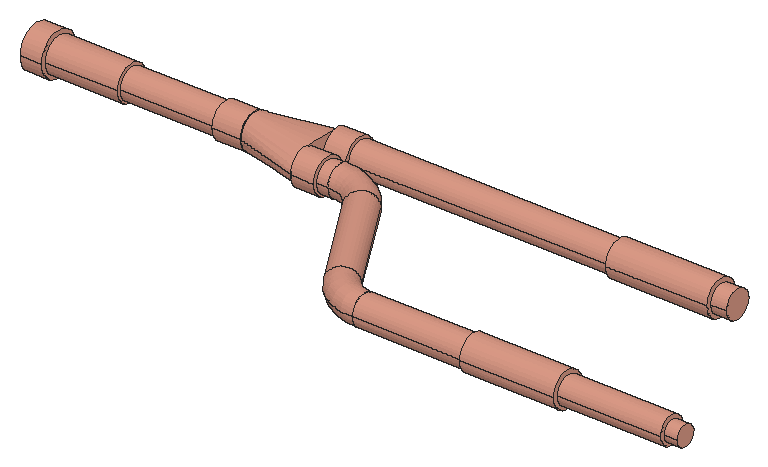
Revit family "outputfile", category 配管付属品, Revit 2024
Family settings
  丸型コネクタ寸法 = 半径を使用
  パーツ タイプ = 標準
  OmniClass 番号 = 23.65.55.00
  OmniClass タイトル = Distribution of Supplied Liquids/Gases
  作業面ベース = いいえ
  常に垂直 = はい
  ロード時にボイドで切り取り = いいえ
  共有 = いいえ
Parameters (values of type "BHRP26A72T")
  Description = ""
  製造元 = "Daikin"
  書き出し IFC クラス(タイプ) = "IfcPipeFittingType"
  定義済み IFC タイプ(タイプ) = "JUNCTION"
  Cost = 0
  Type Comments = ""
  Keynote = ""
  Type Image = (empty or 0)
  Assembly Code = ""
  mm⇔inch [instance] = yes
  l_InletPipe4 = 12.0 mm
  built-in parameter 1114242 [instance] = (empty or 0)
  Default Elevation = 0.0 mm
  モデル = "BHRP26A72T"
  table_StraightPipe [instance] = if(mm⇔inch, "Refnet Joint_BHRP26A-T_Liquid_StraightPipe", "Refnet Joint_BHRP26A-T_Liquid_StraightPipe_inch")  # "Refnet Joint_BHRP26A-T_Liquid_StraightPipe"
  table_BranchPipe [instance] = if(mm⇔inch, "Refnet Joint_BHRP26A-T_Liquid_BranchPipe", "Refnet Joint_BHRP26A-T_Liquid_BranchPipe_inch")  # "Refnet Joint_BHRP26A-T_Liquid_BranchPipe"
  table_Inlet [instance] = if(mm⇔inch, "Refnet Joint_BHRP26A-T_Liquid_Inlet", "Refnet Joint_BHRP26A-T_Liquid_Inlet_inch")  # "Refnet Joint_BHRP26A-T_Liquid_Inlet"
  switch_StraightPipe_Reducer [instance] = if(Is_StraightPipe Reducer = 1, 1 = 1, 1 = 0)  # no
  switch_StraightPipe3 [instance] = if(number_StraightPipe = 3, 1 = 1, 1 = 0)  # no
  switch_StraightPipe2 [instance] = if(number_StraightPipe < 2, 1 = 0, 1 = 1)  # yes
  switch_BranchPipe_Reducer [instance] = if(Is_BranchPipe Reducer = 1, 1 = 1, 1 = 0)  # no
  switch_BranchPipe3 [instance] = if(number_BranchPipe = 3, 1 = 1, 1 = 0)  # yes
  switch_BranchPipe2 [instance] = if(number_BranchPipe < 2, 1 = 0, 1 = 1)  # yes
  switch_Inlet pipe_Reducer [instance] = if(Is_Inlet Reducer = 1, 1 = 1, 1 = 0)  # no
  switch_Inlet pipe3 [instance] = if(number_InletPipe = 3, 1 = 1, 1 = 0)  # no
  switch_Inlet pipe2 [instance] = if(number_InletPipe < 2, 1 = 0, 1 = 1)  # yes
  Uniclass2015Version = "Products v1.31"
  Uniclass2015Title = "Copper pipe fittings"
  Uniclass2015Code = "Pr_65_52_63_18"
  URL = ""
  StraightPipe_Liquid_ActualDiameter [instance] = 9.5 mm
  Material_Piping = DAIKIN_Copper_Pipe
  Material_Insulation = DAIKIN_White_Insulation
  lw_Insulation [instance] = size_lookup(table_Inlet, "lw_Insulation", 38.0 mm, モデル)  # 52.0 mm
  Unit Type = "BHRP26A-T_Liquid"
  Tag No. [instance] = ""
  StraightPipe_Liquid_Status [instance] = size_lookup(table_StraightPipe, "Information", "The connected pipe size is not available.", モデル, StraightPipe_Liquid_ActualDiameter)  # "Default connector size is used."
  Link_Nested Family [instance] = ""
  Inlet_Liquid_Actual Diameter [instance] = 15.9 mm
  IfcVersion = ""
  IfcExportType = "JUNCTION"
  IfcExportAs = "IfcPipeFittingType"
  BranchPipe_Liquid_Status [instance] = size_lookup(table_BranchPipe, "Information", "The connected pipe size is not available.", モデル, BranchPipe_Liquid_ActualDiameter)  # "Default connector size is used."
  Inlet_Liquid_Status [instance] = size_lookup(table_Inlet, "Information", "The connected pipe size is not available.", モデル, Inlet_Liquid_Actual Diameter)  # "Default connector size is used."
  Series = "Refnet Joint"
  O.R_dividePipe_Inlet [instance] = (I.D_InletPipe1 + 2.0 mm) / 2  # 7.35 mm
  r_StraightPipe_Connector [instance] = StraightPipe_Liquid_ActualDiameter / 2  # 4.75 mm
  r_BranchPipe_Connector [instance] = BranchPipe_Liquid_ActualDiameter / 2  # 3.2 mm
  r_Inlet_Connector [instance] = Inlet_Liquid_Actual Diameter / 2  # 7.95 mm
  number_StraightPipe [instance] = size_lookup(table_StraightPipe, "pipeNumber", 2, モデル, StraightPipe_Liquid_ActualDiameter)  # 2
  number_BranchPipe [instance] = size_lookup(table_BranchPipe, "pipeNumber", 2, モデル, BranchPipe_Liquid_ActualDiameter)  # 3
  number_InletPipe [instance] = size_lookup(table_Inlet, "pipeNumber", 1, モデル, Inlet_Liquid_Actual Diameter)  # 2
  r_BranchPipeR [instance] = size_lookup(table_BranchPipe, "r_offsetPipeR", 18.0 mm, モデル, BranchPipe_Liquid_ActualDiameter)  # 20.0 mm
  l_BranchPipe_Straight2 [instance] = size_lookup(table_BranchPipe, "L_offsetPipe2", 25.5 mm, モデル)  # 46.0 mm
  l_BranchPipe_Straight1 [instance] = size_lookup(table_BranchPipe, "L_offsetPipe1", 5.0 mm, モデル)  # 5.0 mm
  l_BranchPipe connector [instance] = size_lookup(table_BranchPipe, "Length", 150.0 mm, モデル, BranchPipe_Liquid_ActualDiameter)  # 212.0 mm
  l_inlet connector [instance] = size_lookup(table_Inlet, "Length", 70.0 mm, モデル, Inlet_Liquid_Actual Diameter)  # 92.0 mm
  l_dividePipe [instance] = size_lookup(table_Inlet, "L_devidePipe", 30.0 mm, モデル)  # 28.0 mm
  l_StraightPipeReducer [instance] = size_lookup(table_StraightPipe, "L_Reducer", 80.0 mm, モデル, StraightPipe_Liquid_ActualDiameter)  # 80.0 mm
  l_StraightPipe3 [instance] = size_lookup(table_StraightPipe, "L_Pipe3", 2.0 mm, モデル)  # 2.0 mm
  l_StraightPipe2 [instance] = size_lookup(table_StraightPipe, "L_Pipe2", 6.0 mm, モデル)  # 7.0 mm
  l_StraightPipe1 [instance] = size_lookup(table_StraightPipe, "L_Pipe1", 44.0 mm, モデル)  # 43.0 mm
  l_StraightPipe0 [instance] = size_lookup(table_StraightPipe, "L_Pipe0", 130.0 mm, モデル)  # 110.0 mm
  l_StraightPipe connector [instance] = size_lookup(table_StraightPipe, "Length", 190.0 mm, モデル, StraightPipe_Liquid_ActualDiameter)  # 170.0 mm
  l_BranchPipe Reducer [instance] = size_lookup(table_BranchPipe, "L_Reducer", 50.0 mm, モデル, BranchPipe_Liquid_ActualDiameter)  # 50.0 mm
  l_BranchPipe3 [instance] = size_lookup(table_BranchPipe, "L_Pipe3", 2.0 mm, モデル)  # 6.0 mm
  l_BranchPipe2 [instance] = size_lookup(table_BranchPipe, "L_Pipe2", 6.0 mm, モデル)  # 44.0 mm
  l_BranchPipe1 [instance] = size_lookup(table_BranchPipe, "L_Pipe1", 44.0 mm, モデル)  # 40.0 mm
  l_BranchPipe0 [instance] = size_lookup(table_BranchPipe, "L_Pipe0", 90.0 mm, モデル)  # 112.0 mm
  l_InletReducer [instance] = size_lookup(table_Inlet, "L_Reducer", 80.0 mm, モデル, Inlet_Liquid_Actual Diameter)  # 80.0 mm
  l_InletPipe3 [instance] = size_lookup(table_Inlet, "L_Pipe3", 2.0 mm, モデル)  # 2.0 mm
  l_InletPipe2 [instance] = size_lookup(table_Inlet, "L_Pipe2", 2.0 mm, モデル)  # 9.0 mm
  l_InletPipe1 [instance] = size_lookup(table_Inlet, "L_Pipe1", 7.0 mm, モデル)  # 31.0 mm
  l_InletPipe0 [instance] = size_lookup(table_Inlet, "L_Pipe0", 53.0 mm, モデル)  # 40.0 mm
  center_StraightPipe [instance] = size_lookup(table_StraightPipe, "center_Pipe", 6.5 mm, モデル)  # 8.5 mm
  center_BranchPipe2 [instance] = size_lookup(table_BranchPipe, "center_OffsetPipe", 73.5 mm, モデル)  # 71.5 mm
  center_BranchPipe1 [instance] = size_lookup(table_BranchPipe, "center_Pipe", 6.5 mm, モデル)  # 8.5 mm
  StraightPipe_Liquid_AvailableDiameter [instance] = size_lookup(table_StraightPipe, "sizeVariation", "", モデル)  # "9.5/12.7/15.9mm"
  BranchPipe_Liquid_AvailableDiameter [instance] = size_lookup(table_BranchPipe, "sizeVariation", "", モデル)  # "6.4/9.5/12.7mm"
  Inlet_Liquid_Available Diameter [instance] = size_lookup(table_Inlet, "sizeVariation", "", モデル)  # "12.7/15.9/19.1mm"
  O.D_StraightPipe Reducer [instance] = size_lookup(table_StraightPipe, "O.D_reducer", 2.0 mm, モデル, StraightPipe_Liquid_ActualDiameter)  # 2.0 mm
  O.D_Offset Outlet Reducer [instance] = size_lookup(table_BranchPipe, "O.D_reducer", 2.0 mm, モデル, BranchPipe_Liquid_ActualDiameter)  # 2.0 mm
  O.D_Inlet Reducer [instance] = size_lookup(table_Inlet, "O.D_reducer", 2.0 mm, モデル, Inlet_Liquid_Actual Diameter)  # 2.0 mm
  Is_StraightPipe Reducer [instance] = size_lookup(table_StraightPipe, "IsReducer", 0, モデル, StraightPipe_Liquid_ActualDiameter)  # 0
  Is_BranchPipe Reducer [instance] = size_lookup(table_BranchPipe, "IsReducer", 0, モデル, BranchPipe_Liquid_ActualDiameter)  # 0
  Is_Inlet Reducer [instance] = size_lookup(table_Inlet, "IsReducer", 0, モデル, Inlet_Liquid_Actual Diameter)  # 0
  BranchPipe_Liquid_ActualDiameter [instance] = 6.4 mm
  Attach_Insulation [instance] = no
  I.D_StraightPipe3 [instance] = size_lookup(table_StraightPipe, "I.D_PipeSize3", 2.0 mm, モデル)  # 2.0 mm
  I.D_StraightPipe2 [instance] = size_lookup(table_StraightPipe, "I.D_PipeSize2", 6.4 mm, モデル)  # 9.5 mm
  I.D_StraightPipe1 [instance] = size_lookup(table_StraightPipe, "I.D_PipeSize1", 9.5 mm, モデル)  # 12.7 mm
  I.D_StraightPipe0 [instance] = size_lookup(table_StraightPipe, "I.D_PipeSize0", 7.5 mm, モデル)  # 10.7 mm
  I.D_BranchPipe3 [instance] = size_lookup(table_BranchPipe, "I.D_PipeSize3", 2.0 mm, モデル)  # 6.4 mm
  I.D_BranchPipe2 [instance] = size_lookup(table_BranchPipe, "I.D_PipeSize2", 6.4 mm, モデル)  # 9.5 mm
  I.D_BranchPipe1 [instance] = size_lookup(table_BranchPipe, "I.D_PipeSize1", 9.5 mm, モデル)  # 12.7 mm
  I.D_BranchPipe0 [instance] = size_lookup(table_BranchPipe, "I.D_PipeSize0", 7.5 mm, モデル)  # 10.7 mm
  I.D_Straight Reducer [instance] = size_lookup(table_StraightPipe, "I.D_reducer", 2.0 mm, モデル, StraightPipe_Liquid_ActualDiameter)  # 2.0 mm
  I.D_OutletPipe [instance] = size_lookup(table_Inlet, "I.D_OutletPipeSize", 9.6 mm, モデル, Inlet_Liquid_Actual Diameter)  # 12.8 mm
  I.D_Branch Reducer [instance] = size_lookup(table_BranchPipe, "I.D_reducer", 2.0 mm, モデル, BranchPipe_Liquid_ActualDiameter)  # 2.0 mm
  I.D_Inlet Reducer [instance] = size_lookup(table_Inlet, "I.D_reducer", 2.0 mm, モデル, Inlet_Liquid_Actual Diameter)  # 2.0 mm
  I.D_InletPipe3 [instance] = size_lookup(table_Inlet, "I.D_PipeSize3", 2.0 mm, モデル)  # 2.0 mm
  I.D_InletPipe2 [instance] = size_lookup(table_Inlet, "I.D_PipeSize2", 2.0 mm, モデル)  # 15.9 mm
  I.D_InletPipe1 [instance] = size_lookup(table_Inlet, "I.D_PipeSize1", 9.5 mm, モデル)  # 12.7 mm
  I.D_InletPipe0 [instance] = size_lookup(table_Inlet, "I.D_PipeSize0", 7.5 mm, モデル)  # 10.7 mm
Reference planes
  plane 1 "Center (Front/Back)": y = 0
  plane 2: z = 0
  plane 3 "base_left": x = 0
  plane 4: x = 2
  plane 5: x = 11
  plane 6: x = 42
  plane 7: x = 82
  plane 8: x = 94
  plane 9: x = 122
  plane 10: x = 132
  plane 11 "center_straight outlet": y = 8.5
  plane 12 "center2_offset outlet": y = -71.5
  plane 13 "center1_offset outlet": y = -8.5
  plane 14: x = 242
  plane 15: x = 285
  plane 16: x = 292
  plane 17: x = 244
  plane 18: x = 284
  plane 19: x = 328
  plane 20: x = 294
  plane 21: x = 334
  plane 22 "Reducer_straightoutlet": x = 334
  plane 23: x = 292
  plane 24: y = -15.85
  plane 25: z = 7.35
  plane 26 "Inlet_connector": x = 2
  plane 27 "Left_Insulation": x = 42
Forms (mm)
  SweptBlend 1, solid, material "DAIKIN_Copper_Pipe" <- "Material_Piping"
    path origin (0, 0, 0) x (1, 0, 0) y (0, 1, 0)
      loop
        line (94, 0) -> (122, 0)
    profile origin (94, 0, 0) x (0, 1, 0) y (0, 0, 1)
      loop
        circle (0, 0) r 7.35
    end profile origin (122, 0, 0) x (0, 1, 0) y (0, 0, 1)
      loop
        spline (-15.85, 0) -> (-15.31, -1.902) -> (-13.727, -3.675) -> (-11.208, -5.197) -> (-7.925, -6.365) -> (-4.102, -7.1) -> (0, -7.35) -> (4.102, -7.1) -> (7.925, -6.365) -> (11.208, -5.197) -> (13.727, -3.675) -> (15.31, -1.902) -> (15.85, 0)
        spline (15.85, 0) -> (15.31, 1.902) -> (13.727, 3.675) -> (11.208, 5.197) -> (7.925, 6.365) -> (4.102, 7.1) -> (0, 7.35) -> (-4.102, 7.1) -> (-7.925, 6.365) -> (-11.208, 5.197) -> (-13.727, 3.675) -> (-15.31, 1.902) -> (-15.85, 0)
Dimensions and locks
  "l_InletPipe3": plane 3 "base_left" to plane 4
  "l_InletPipe2": plane 4 to plane 5
  "l_InletPipe1": plane 5 to plane 6
  "l_InletPipe0": plane 6 to plane 7
  "l_InletPipe4": plane 7 to plane 8
  "center_StraightPipe": plane 1 "Center (Front/Back)" to plane 11 "center_straight outlet"
  "center_BranchPipe2": plane 12 "center2_offset outlet" to plane 1 "Center (Front/Back)"
  "center_BranchPipe1": plane 13 "center1_offset outlet" to plane 1 "Center (Front/Back)"
  "l_dividePipe": plane 8 to plane 9
  plane 9 to plane 10 = 10.0 mm
  "l_StraightPipe0": plane 10 to plane 14
  "l_BranchPipe0": plane 10 to plane 17
  "l_BranchPipe1": plane 17 to plane 18
  "l_BranchPipe2": plane 18 to plane 19
  "l_StraightPipe1": plane 14 to plane 15
  "l_StraightPipe2": plane 15 to plane 16
  "l_StraightPipe3": plane 16 to plane 20
  "l_BranchPipe3": plane 19 to plane 21
  "l_BranchPipe connector": plane 9 to plane 22 "Reducer_straightoutlet"
  "l_StraightPipe connector": plane 9 to plane 23
  "O.R_dividePipe_Inlet": plane 24 to plane 13 "center1_offset outlet"
  "O.R_dividePipe_Inlet": plane 25 to plane 2
  "l_inlet connector": plane 26 "Inlet_connector" to plane 8
  "lw_Insulation": plane 27 "Left_Insulation" to plane 8
  "O.R_dividePipe_Inlet": radius of SweptBlend 1 sketch curve
  aligned and locked: level to plane 2
  aligned and locked: plane 2 to nested 1
  aligned and locked: plane 3 "base_left" to nested 1
  aligned and locked: plane 1 "Center (Front/Back)" to nested 1
  aligned and locked: plane 4 to nested 2
  aligned and locked: plane 1 "Center (Front/Back)" to nested 2
  aligned and locked: plane 5 to nested 2
  aligned and locked: plane 5 to nested 3
  aligned and locked: plane 6 to nested 3
  aligned and locked: plane 6 to nested 4
  aligned and locked: nested 4 to plane 7
  aligned and locked: nested 5 to plane 7
  aligned and locked: nested 5 to plane 8
  aligned and locked: plane 8 to SweptBlend 1 sketch curve
  aligned and locked: plane 9 to SweptBlend 1 sketch curve
  aligned and locked: plane 2 to SweptBlend 1 sketch curve  (x2)
  aligned and locked: plane 1 "Center (Front/Back)" to SweptBlend 1 sketch curve  (x2)
  aligned and locked: nested 6 to plane 9
  aligned and locked: nested 7 to plane 9
  aligned and locked: nested 6 to plane 11 "center_straight outlet"
  aligned and locked: nested 7 to plane 13 "center1_offset outlet"
  aligned and locked: nested 7 to plane 10
  aligned and locked: nested 6 to plane 10
  aligned and locked: nested 8 to plane 10
  aligned and locked: plane 14 to nested 8
  aligned and locked: nested 8 to plane 11 "center_straight outlet"
  aligned and locked: plane 14 to nested 9
  aligned and locked: nested 9 to plane 11 "center_straight outlet"
  aligned and locked: plane 15 to nested 9
  aligned and locked: nested 10 to plane 11 "center_straight outlet"
  aligned and locked: plane 15 to nested 10
  aligned and locked: plane 16 to nested 10
  aligned and locked: nested 11 to plane 12 "center2_offset outlet"
  aligned and locked: plane 17 to nested 11
  aligned and locked: plane 18 to nested 11
  aligned and locked: nested 12 to plane 12 "center2_offset outlet"
  aligned and locked: plane 18 to nested 12
  aligned and locked: plane 19 to nested 12
  aligned and locked: nested 13 to plane 10
  aligned and locked: nested 13 to plane 13 "center1_offset outlet"
  aligned and locked: nested 13 to plane 12 "center2_offset outlet"
  aligned and locked: plane 8 to nested 14
  aligned and locked: plane 1 "Center (Front/Back)" to nested 14
  aligned and locked: plane 11 "center_straight outlet" to nested 15
  aligned and locked: nested 15 to plane 9
  aligned and locked: nested 16 to plane 9
  aligned and locked: plane 12 "center2_offset outlet" to nested 16
  aligned and locked: nested 17 to plane 1 "Center (Front/Back)"
  aligned and locked: plane 16 to nested 18
  aligned and locked: plane 20 to nested 18
  aligned and locked: plane 19 to nested 19
  aligned and locked: plane 21 to nested 19
  aligned and locked: nested 20 to plane 12 "center2_offset outlet"
  aligned and locked: plane 23 to nested 21
  aligned and locked: nested 21 to plane 11 "center_straight outlet"
  aligned and locked: plane 4 to nested 1
  aligned and locked: plane 24 to SweptBlend 1 sketch curve
  aligned and locked: plane 25 to SweptBlend 1 sketch curve
  aligned and locked: nested 19 to plane 12 "center2_offset outlet"
  aligned and locked: nested 18 to plane 11 "center_straight outlet"
  aligned and locked: nested 17 to plane 26 "Inlet_connector"
  aligned and locked: plane 22 "Reducer_straightoutlet" to nested 20
  aligned and locked: plane 27 "Left_Insulation" to nested 22
  aligned and locked: plane 1 "Center (Front/Back)" to nested 22
Automatic sketch dimensions
  plane 1 "Center (Front/Back)" to SweptBlend 1 sketch curve = 0.0 mm
Nested families
  nested 1: "daikin_Pipe" at (1, 0, 0), I.D_Pipe <- "I.D_InletPipe3", display <- "switch_Inlet pipe3", type "*"
    with length_Pipe 2.0 mm, display no, O.D_Pipe 4.0 mm, I.D_Pipe 2.0 mm
  nested 2: "daikin_Pipe" at (6.5, 0, 0), I.D_Pipe <- "I.D_InletPipe2", display <- "switch_Inlet pipe2", type "*"
    with length_Pipe 9.0 mm, display yes, O.D_Pipe 17.9 mm, I.D_Pipe 15.9 mm
  nested 3: "daikin_Pipe" at (26.5, 0, 0), I.D_Pipe <- "I.D_InletPipe1", type "*"
    with length_Pipe 31.0 mm, display yes, O.D_Pipe 14.7 mm, I.D_Pipe 12.7 mm
  nested 4: "daikin_Pipe" at (62, 0, 0), I.D_Pipe <- "I.D_InletPipe0", type "*"
    with length_Pipe 40.0 mm, display yes, O.D_Pipe 12.7 mm, I.D_Pipe 10.7 mm
  nested 5: "daikin_Pipe" at (88, 0, 0), I.D_Pipe <- "I.D_InletPipe1", type "*"
    with length_Pipe 12.0 mm, display yes, O.D_Pipe 14.7 mm, I.D_Pipe 12.7 mm
  nested 6: "daikin_Pipe" at (127, 8.5, 0), I.D_Pipe <- "I.D_OutletPipe", type "*"
    with length_Pipe 10.0 mm, display yes, O.D_Pipe 14.8 mm, I.D_Pipe 12.8 mm
  nested 7: "daikin_Pipe" at (127, -8.5, 0), I.D_Pipe <- "I.D_OutletPipe", type "*"
    with length_Pipe 10.0 mm, display yes, O.D_Pipe 14.8 mm, I.D_Pipe 12.8 mm
  nested 8: "daikin_Pipe" at (187, 8.5, 0), I.D_Pipe <- "I.D_StraightPipe0", type "*"
    with length_Pipe 110.0 mm, display yes, O.D_Pipe 12.7 mm, I.D_Pipe 10.7 mm
  nested 9: "daikin_Pipe" at (263.5, 8.5, 0), I.D_Pipe <- "I.D_StraightPipe1", type "*"
    with length_Pipe 43.0 mm, display yes, O.D_Pipe 14.7 mm, I.D_Pipe 12.7 mm
  nested 10: "daikin_Pipe" at (288.5, 8.5, 0), I.D_Pipe <- "I.D_StraightPipe2", display <- "switch_StraightPipe2", type "*"
    with length_Pipe 7.0 mm, display yes, O.D_Pipe 11.5 mm, I.D_Pipe 9.5 mm
  nested 11: "daikin_Pipe" at (264, -71.5, 0), I.D_Pipe <- "I.D_BranchPipe1", type "*"
    with length_Pipe 40.0 mm, display yes, O.D_Pipe 14.7 mm, I.D_Pipe 12.7 mm
  nested 12: "daikin_Pipe" at (306, -71.5, 0), I.D_Pipe <- "I.D_BranchPipe2", display <- "switch_BranchPipe2", type "*"
    with length_Pipe 44.0 mm, display yes, O.D_Pipe 11.5 mm, I.D_Pipe 9.5 mm
  nested 13: "daikin_Pipe Ofsset" at (132, -8.5, 0), I.D_Pipe size <- "I.D_BranchPipe0", length_straight pipe1 <- "l_BranchPipe_Straight1", length_straight pipe2 <- "l_BranchPipe_Straight2", r_Pipe R <- "r_BranchPipeR", length_Pipe <- "l_BranchPipe0", type "*"
    with r_Pipe R 20.0 mm, length_straight pipe2 46.0 mm, length_straight pipe1 5.0 mm, length_offset center 63.0 mm, length_Pipe 112.0 mm, O.D_Pipe size 12.7 mm, I.D_Pipe size 10.7 mm
  nested 14: "daikin_connector_rotate2" at (94, 0, 0) x (0, -1, 0) z (0, 0, 1), length <- "l_inlet connector", type "daikin_connector_rotate2"
    with radius 5.0 mm, length 92.0 mm, angle_vertical 90.00°, locaton_mark no
  nested 15: "daikin_connector_rotate2" at (122, 8.5, 0) x (0, 1, 0) z (0, 0, 1), length <- "l_StraightPipe connector", type "daikin_connector_rotate2"
    with radius 5.0 mm, length 170.0 mm, angle_vertical 90.00°, locaton_mark no
  nested 16: "daikin_connector_rotate2" at (122, -71.5, 0) x (0, 1, 0) z (0, 0, 1), length <- "l_BranchPipe connector", type "daikin_connector_rotate2"
    with radius 5.0 mm, length 212.0 mm, angle_vertical 90.00°, locaton_mark no
  nested 17: "daikin_Pipe_reducer" at (42, 0, 0) x (-1, 0, 0) z (0, 0, 1), display <- "switch_Inlet pipe_Reducer", length_Pipe <- "l_InletReducer", I.D_Pipe1 <- "I.D_Inlet Reducer", O.D_Pipe2 <- "O.D_Inlet Reducer", type "*"
    with length_Pipe 80.0 mm, display no, O.D_Pipe2 2.0 mm, O.D_Pipe1 4.0 mm, I.D_Pipe2 0.0 mm, I.D_Pipe1 2.0 mm
  nested 18: "daikin_Pipe" at (293, 8.5, 0), I.D_Pipe <- "I.D_StraightPipe3", display <- "switch_StraightPipe3", type "*"
    with length_Pipe 2.0 mm, display no, O.D_Pipe 4.0 mm, I.D_Pipe 2.0 mm
  nested 19: "daikin_Pipe" at (331, -71.5, 0), I.D_Pipe <- "I.D_BranchPipe3", display <- "switch_BranchPipe3", type "*"
    with length_Pipe 6.0 mm, display yes, O.D_Pipe 8.4 mm, I.D_Pipe 6.4 mm
  nested 20: "daikin_Pipe_reducer" at (309, -71.5, 0), I.D_Pipe1 <- "I.D_Branch Reducer", O.D_Pipe2 <- "O.D_Offset Outlet Reducer", length_Pipe <- "l_BranchPipe Reducer", display <- "switch_BranchPipe_Reducer", type "*"
    with length_Pipe 50.0 mm, display no, O.D_Pipe2 2.0 mm, O.D_Pipe1 4.0 mm, I.D_Pipe2 0.0 mm, I.D_Pipe1 2.0 mm
  nested 21: "daikin_Pipe_reducer" at (252, 8.5, 0), I.D_Pipe1 <- "I.D_Straight Reducer", O.D_Pipe2 <- "O.D_StraightPipe Reducer", length_Pipe <- "l_StraightPipeReducer", display <- "switch_StraightPipe_Reducer", type "*"
    with length_Pipe 80.0 mm, display no, O.D_Pipe2 2.0 mm, O.D_Pipe1 4.0 mm, I.D_Pipe2 0.0 mm, I.D_Pipe1 2.0 mm
  nested 22: "daikin_Insulation_RefnetJoint" at (42, 0, 0), I.D_Outlet PipeSize <- "I.D_OutletPipe", type "*"
    with h 44.8 mm, I.D_Outlet PipeSize 12.8 mm, d_Insulation3_3 66.6 mm, d_Insulation2_2 34.0 mm, d_Insulation1_1 23.3 mm, w_Insulation5 191.0 mm, w_Insulation4 67.3 mm, w_Insulation3 19.5 mm, w_Insulation2 56.6 mm, w_Insulation1 9.0 mm, display no, d_Insulation3 63.1 mm, d_Insulation2 35.5 mm, d_Insulation1 24.8 mm
Connectors
  piping at (2, 0, 0), diameter 15.9, driven by "r_Inlet_Connector"
    settings: on nested 14, index 1, connector inside diameter 609.6 mm, connector length 0.0 mm, flow factor 0, pipe flow 0.00 m³/h, pressure drop 0.0 Pa, fitting loss kfactor 0, connector angle 0.00°, fixture units 0, engagement length 0.0 mm, angle of deflection 0.00°, flow configuration 0, flow direction 1, fitting loss method 0, system type 29, joint type 0, gender type 0, connector reference index -1, connector utility 0, adjustable connector no, is connector primary yes, connector description "Refnet Joint_Inlet_Liquid"
  piping at (334, -71.5, 0), diameter 6.4, driven by "r_BranchPipe_Connector"
    settings: on nested 16, index 2, connector inside diameter 609.6 mm, connector length 0.0 mm, flow factor 0, pipe flow 0.00 m³/h, pressure drop 0.0 Pa, fitting loss kfactor 0, connector angle 0.00°, fixture units 0, engagement length 0.0 mm, angle of deflection 0.00°, flow configuration 0, flow direction 2, fitting loss method 0, system type 29, joint type 0, gender type 0, connector reference index -1, connector utility 0, adjustable connector no, is connector primary no, connector description "Refnet Joint_Outlet Branch_Liquid"
  piping at (292, 8.5, 0), diameter 9.5, driven by "r_StraightPipe_Connector"
    settings: on nested 15, index 3, connector inside diameter 609.6 mm, connector length 0.0 mm, flow factor 0, pipe flow 0.00 m³/h, pressure drop 0.0 Pa, fitting loss kfactor 0, connector angle 0.00°, fixture units 0, engagement length 0.0 mm, angle of deflection 0.00°, flow configuration 0, flow direction 2, fitting loss method 0, system type 29, joint type 0, gender type 0, connector reference index -1, connector utility 0, adjustable connector no, is connector primary no, connector description "Refnet Joint_Outlet Straight_Liquid"
Definition of nested family "daikin_Pipe"
  Parameters (values of type "*")
    Default Elevation = 0.0 mm
    material = none
    length_Pipe [instance] = 150.0 mm
    display [instance] = yes
    O.D_Pipe [instance] = I.D_Pipe + 2.0 mm  # 27.0 mm
    I.D_Pipe [instance] = 25.0 mm
  Reference planes
    plane 1 "Center (Front/Back)": y = 0
    plane 2 "center(vertical)": z = 0
    plane 3 "Center (Left/Right)": x = 0
    plane 4 "left": x = -75
    plane 5 "right": x = 75
  Forms (mm)
    Extrusion 1, solid, material <- "material", visible <- "display"
      sketch origin (0, 0, 0) x (0, 1, 0) y (0, 0, 1)
        loop
          circle (0, 0) r 13.5
      from -75 to 75
  Dimensions and locks
    equal spacing: plane 4 "left", plane 3 "Center (Left/Right)", plane 5 "right"
    "length_Pipe": plane 4 "left" to plane 5 "right"
    "O.D_Pipe": diameter of Extrusion 1 sketch curve
    aligned and locked: level to plane 2 "center(vertical)"
    aligned and locked: plane 2 "center(vertical)" to Extrusion 1 sketch curve
    aligned and locked: plane 1 "Center (Front/Back)" to Extrusion 1 sketch curve
    aligned and locked: plane 5 "right" to Extrusion 1
    aligned and locked: Extrusion 1 to plane 4 "left"
Definition of nested family "daikin_Pipe Ofsset"
  Parameters (values of type "*")
    Default Elevation = 0.0 mm
    r_Pipe R [instance] = 18.0 mm
    material = none
    length_straight pipe2 [instance] = 25.5 mm
    length_straight pipe1 [instance] = 5.0 mm
    length_offset center [instance] = 67.5 mm
    length_Pipe [instance] = 90.0 mm
    O.D_Pipe size [instance] = I.D_Pipe size + 2.0 mm  # 12.0 mm
    I.D_Pipe size [instance] = 10.0 mm
  Reference planes
    plane 1 "Center (Front/Back)": y = 0
    plane 2: z = 0
    plane 3 "Center (Left/Right)": x = 0
    plane 4: y = -67.5
    plane 5: x = 90
    plane 6: x = 64.5
    plane 7: x = 5
  Forms (mm)
    Sweep 1, solid, material <- "material"
      path origin (0, 0, 0) x (1, 0, 0) y (0, 1, 0)
        loop
          line (0, 0) -> (5, 0)
          arc (5, 0) -> (14.03, -2.429) -> (20.623, -9.061) r 18
          line (20.623, -9.061) -> (48.877, -58.439)
          arc (48.877, -58.439) -> (55.47, -65.071) -> (64.5, -67.5) r 18
          line (64.5, -67.5) -> (90, -67.5)
      profile origin (2.5, 0, 0) x (0, 1, 0) y (0, 0, 1)
        loop
          circle (0, 0) r 6
  Dimensions and locks
    "length_offset center": plane 4 to plane 1 "Center (Front/Back)"
    "length_straight pipe1": plane 3 "Center (Left/Right)" to plane 7
    "length_Pipe": plane 3 "Center (Left/Right)" to plane 5
    "length_straight pipe2": plane 6 to plane 5
    "O.D_Pipe size": diameter of Sweep 1 sketch curve
    "r_Pipe R": radius of Sweep 1 sketch curve  (x2)
    aligned and locked: level to plane 2
    aligned and locked: plane 1 "Center (Front/Back)" to Sweep 1 sketch curve
    aligned and locked: profile plane to Sweep 1 sketch curve
    aligned and locked: plane 5 to Sweep 1 sketch curve
    aligned and locked: plane 7 to Sweep 1 sketch curve
    aligned and locked: plane 6 to Sweep 1 sketch curve
  Automatic sketch dimensions
    plane 1 "Center (Front/Back)" to Sweep 1 sketch curve = 0.0 mm
    Sweep 1 sketch curve to plane 3 "Center (Left/Right)" = 0.0 mm
    plane 4 to Sweep 1 sketch curve = 0.0 mm
Definition of nested family "daikin_connector_rotate2"
  Parameters (values of type "daikin_connector_rotate2")
    show_face = no
    radius [instance] = 10.0 mm
    locaton_mark = yes
    length [instance] = 600.0 mm
    d_surface = 10.0 mm
    angle_vertical [instance] = 90.00°
    Default Elevation = 0.0 mm
  Reference planes
    plane 1 "Center (Front/Back)": y = 0
    plane 2: z = 0
    plane 3 "Center (Left/Right)": x = 0
  Forms (mm)
    Extrusion 1, solid, visible <- "show_face"
      sketch origin (0, -600, 0) x (1, 0, 0) y (0, 0, 1)
        loop
          circle (0, 0) r 10
      from 0 to -10
  Lines and regions (mm)
    reference lines
      curve 1: line (0, 0, 0) -> (0, -600, 0)
    symbolic lines, visible <- "locaton_mark"
      curve 2: circle (0, 0, 0) r 5 normal (0, 0, 1)
    model lines, visible <- "show_face"
      curve 3: line (0, 0, 0) -> (0, -600, 0)
  Dimensions and locks
    "length": curve 1 to curve 1
    "length": curve 3 to curve 3
    "d_surface": Extrusion 1 to Extrusion 1
    "radius": radius of Extrusion 1 sketch curve
    "angle_vertical": angle curve 1 to plane 1 "Center (Front/Back)"
    "angle_vertical": angle curve 3 to plane 1 "Center (Front/Back)"
    aligned and locked: level to plane 2
    aligned and locked: plane 1 "Center (Front/Back)" to curve 1
    aligned and locked: plane 2 to curve 1
    aligned and locked: plane 1 "Center (Front/Back)" to curve 2
    aligned and locked: plane 3 "Center (Left/Right)" to curve 2
    aligned and locked: plane 1 "Center (Front/Back)" to curve 3
    aligned and locked: plane 2 to curve 3
    aligned and locked: Extrusion 1 to Extrusion 1
  Automatic sketch dimensions
    Extrusion 1 sketch curve to level = 0.0 mm
    Extrusion 1 sketch curve to plane 3 "Center (Left/Right)" = 0.0 mm
    radius of curve 2 = 5.0 mm
Definition of nested family "daikin_Pipe_reducer"
  Parameters (values of type "*")
    Default Elevation = 0.0 mm
    material = none
    length_Pipe [instance] = 250.0 mm
    display [instance] = yes
    O.D_Pipe2 [instance] = 19.1 mm
    O.D_Pipe1 [instance] = I.D_Pipe1 + 2.0 mm  # 24.2 mm
    I.D_Pipe2 [instance] = O.D_Pipe2 - 2.0 mm  # 17.1 mm
    I.D_Pipe1 [instance] = 22.2 mm
  Reference planes
    plane 1 "Center (Front/Back)": y = 0
    plane 2 "center(vertical)": z = 0
    plane 3 "Center (Left/Right)": x = 0
    plane 4 "connection": x = -125
    plane 5 "right": x = 113
    plane 6: x = 125
  Forms (mm)
    Extrusion 1, solid, material <- "material", visible <- "display"
      sketch origin (0, 0, 0) x (0, 1, 0) y (0, 0, 1)
        loop
          circle (0, 0) r 9.55
      from -125 to 113
    Extrusion 2, solid, material <- "material", visible <- "display"
      sketch origin (0, 0, 0) x (0, 1, 0) y (0, 0, 1)
        loop
          circle (0, 0) r 12.1
      from 113 to 125
  Dimensions and locks
    locked: plane 5 "right" to plane 6 at 12
    "length_Pipe": plane 4 "connection" to plane 6
    equal spacing: plane 4 "connection", plane 3 "Center (Left/Right)", plane 6
    "O.D_Pipe2": diameter of Extrusion 1 sketch curve
    "O.D_Pipe1": diameter of Extrusion 2 sketch curve
    aligned and locked: level to plane 2 "center(vertical)"
    aligned and locked: plane 2 "center(vertical)" to Extrusion 1 sketch curve
    aligned and locked: plane 1 "Center (Front/Back)" to Extrusion 1 sketch curve
    aligned and locked: plane 5 "right" to Extrusion 1
    aligned and locked: Extrusion 1 to plane 4 "connection"
    aligned and locked: plane 2 "center(vertical)" to Extrusion 2 sketch curve
    aligned and locked: plane 1 "Center (Front/Back)" to Extrusion 2 sketch curve
    aligned and locked: Extrusion 2 to plane 5 "right"
    aligned and locked: plane 6 to Extrusion 2
Definition of nested family "daikin_Insulation_RefnetJoint"
  Parameters (values of type "*")
    d_Insulation3_3 = size_lookup(table_Insulation, "d_Insulation3_3", 131.5 mm, Model)  # 64.0 mm
    d_Insulation2_2 = size_lookup(table_Insulation, "d_Insulation2_2", 79.0 mm, Model)  # 30.0 mm
    d_Insulation1_1 = size_lookup(table_Insulation, "d_Insulation1_1", 56.0 mm, Model)  # 22.0 mm
    Default Elevation = 0.0 mm
    Model = "BHRP26A22T"
    w_Insulation5 = size_lookup(table_Insulation, "w_Insulation5", 212.0 mm, Model)  # 153.0 mm
    w_Insulation4 = size_lookup(table_Insulation, "w_Insulation4", 67.0 mm, Model)  # 48.6 mm
    w_Insulation3 = size_lookup(table_Insulation, "w_Insulation3", 34.7 mm, Model)  # 22.3 mm
    w_Insulation2 = size_lookup(table_Insulation, "w_Insulation2", 80.0 mm, Model)  # 37.5 mm
    w_Insulation1 = size_lookup(table_Insulation, "w_Insulation1", 22.0 mm, Model)  # 1.0 mm
    table_Insulation = "Refnet Joint_BHRP26A-T_Liquid_Insulation"  # constant formula
    material = none
    h [instance] = (I.D_Outlet PipeSize + 2.0 mm) + 30.0 mm  # 47.0 mm
    display = yes
    d_Insulation3 = size_lookup(table_Insulation, "d_Insulation3", 131.5 mm, Model)  # 63.0 mm
    d_Insulation2 = size_lookup(table_Insulation, "d_Insulation2", 79.0 mm, Model)  # 32.0 mm
    d_Insulation1 = size_lookup(table_Insulation, "d_Insulation1", 56.0 mm, Model)  # 24.0 mm
    I.D_Outlet PipeSize [instance] = 15.0 mm
  Reference planes
    plane 1 "Center (Front/Back)": y = 0
    plane 2: z = 0
    plane 3 "Left": x = 0
    plane 4 "top": z = 23.5
    plane 5 "bottom": z = -23.5
    plane 6: x = 1
    plane 7: x = 37.5
    plane 8: y = 22
    plane 9: y = -24
    plane 10: y = 30
    plane 11: y = -32
    plane 12: y = -97
    plane 13: x = 153
    plane 14: y = -34
    plane 15: x = 59.8
    plane 16: x = 104.4
  Forms (mm)
    Extrusion 1, solid, material <- "material", visible <- "display"
      sketch origin (-21, 0, 0) x (1, 0, 0) y (0, 1, 0)
        loop
          line (22, 22) -> (21, 22) -> (21, -24) -> (22, -24) -> (58.5, -32) -> (80.8, -32) -> (125.4, -97) -> (174, -97) -> (174, -51) -> (164.5, -51)
          arc (164.5, -51) -> (147.5, -34) -> (164.5, -17) r 17
          line (164.5, -17) -> (174, -17) -> (174, 30) -> (58.5, 30) -> (22, 22)
      from -23.5 to 23.5
  Dimensions and locks
    equal spacing: plane 4 "top", plane 2, plane 5 "bottom"
    "h": plane 4 "top" to plane 5 "bottom"
    "w_Insulation1": plane 3 "Left" to plane 6
    "w_Insulation2": plane 3 "Left" to plane 7
    "w_Insulation5": plane 3 "Left" to plane 13
    "w_Insulation3": plane 7 to plane 15
    "w_Insulation4": plane 16 to plane 13
    "d_Insulation1": plane 1 "Center (Front/Back)" to plane 9
    "d_Insulation1_1": plane 8 to plane 1 "Center (Front/Back)"
    "d_Insulation2": plane 1 "Center (Front/Back)" to plane 11
    "d_Insulation2_2": plane 10 to plane 1 "Center (Front/Back)"
    "d_Insulation3_3": plane 10 to plane 14
    "d_Insulation3": plane 14 to plane 12
    Extrusion 1 sketch curve to plane 14 to Extrusion 1 sketch curve = 17.0 mm locked, 17.0 mm locked
    aligned and locked: level to plane 2
    aligned and locked: Extrusion 1 to plane 5 "bottom"
    aligned and locked: plane 4 "top" to Extrusion 1
    aligned and locked: plane 6 to Extrusion 1  (x2)
    aligned and locked: plane 7 to Extrusion 1  (x2)
    aligned and locked: plane 6 to Extrusion 1 sketch curve
    aligned and locked: Extrusion 1 sketch curve to plane 11
    aligned and locked: plane 7 to Extrusion 1 sketch curve  (x2)
    aligned and locked: Extrusion 1 sketch curve to plane 10
    aligned and locked: Extrusion 1 sketch curve to plane 12
    aligned and locked: Extrusion 1 sketch curve to plane 13  (x2)
    aligned and locked: plane 16 to Extrusion 1 sketch curve
    aligned and locked: plane 15 to Extrusion 1 sketch curve
  Automatic sketch dimensions
    Extrusion 1 sketch curve to plane 3 "Left" = 0.0 mm
    Extrusion 1 sketch curve to plane 6 = 0.0 mm
    Extrusion 1 sketch curve to plane 9 = 0.0 mm
    Extrusion 1 sketch curve to plane 8 = 0.0 mm
    Extrusion 1 sketch curve to plane 13 = 9.5 mm
